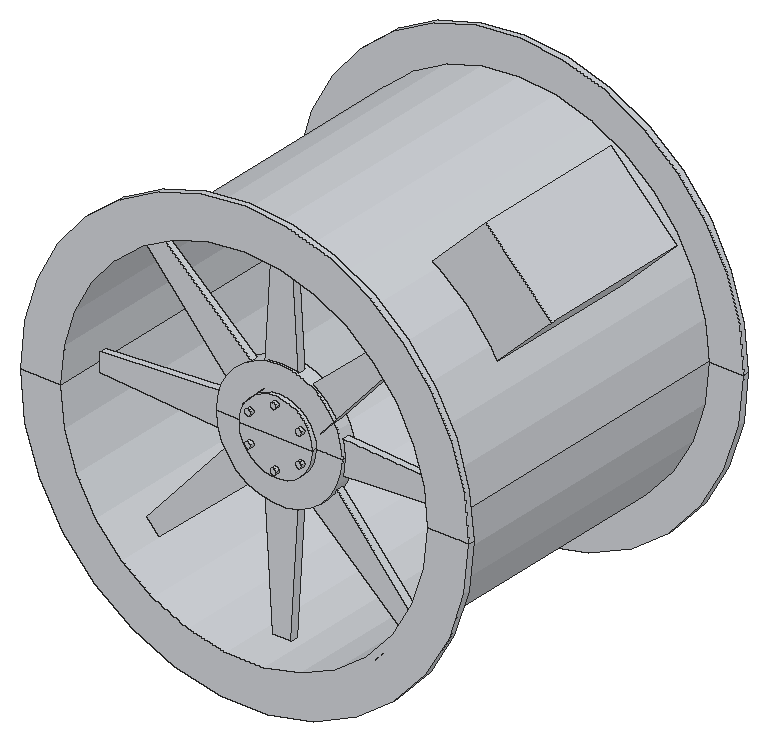
Revit family "CADS_Vent-Axia_MechEquip_Fan_LCA_315_1Ph2P - EXTRACT", category Mechanical Equipment, Revit 2020
Family settings
  Round Connector Dimension = Use Diameter
  Part Type = Normal
  OmniClass Number = 23.75.00.00
  OmniClass Title = Climate Control (HVAC)
  Work Plane-Based = No
  Always vertical = Yes
  Cut with Voids When Loaded = No
  Shared = No
  Room Calculation Point = No
Parameters (values of type "LCA311210")
  nr = NominalDiameter / 2  # 157.5 mm
  WorkingPressure = 0.0 Pa
  WarrantyStartDate [instance] = "1900-12-31T23:59:59"
  WarrantyPeriod = ""
  WarrantyIdentifier = "N/A"
  WarrantyGuarantorParts = "tech@vent-axia.com"
  WarrantyGuarantorLabor = "tech@vent-axia.com"
  WarrantyGuarantor = "Vent-Axia Limited"
  WarrantyEndDate [instance] = "1900-12-31T23:59:59"
  WarrantyContent = ""
  TemperatureRange = ""
  TagNumber [instance] = "N/A"
  SustainabilityPerformance = ""
  Status = "New"
  Size = ""
  Shape = ""
  ServiceLifeType = ""
  ServiceLifeDuration = ""
  SerialNumber [instance] = "N/A"
  ReplacementCost = ""
  RatedVoltage = 0 V
  RatedCurrent = 0 A
  Quantity = 1
  ProductionYear = ""
  PressureCurve = ""
  PowerFactor = ""
  PointOfContact = ""
  NumberOfPoles = 0
  NominalWidth = 315 mm
  NominalLength = 300 mm
  NominalHeight = 315 mm
  NominalFrequencyRange = ""
  NominalDiameter = 315 mm
  ModelReference = "LCAX 315mm 1PH 2P 10DEG"
  ModelNumber = "LCA311210"
  Material = ""
  ManufacturerE-Mail = "tech@vent-axia.com"
  ManufacturerAddress = "Fleming Way\nCrawley \nRH10 9YX"
  IsExtendedWarranty = no
  InsulationStandardClass = ""
  InstallationDate [instance] = "1900-12-31T23:59:59"
  IfcExportType [instance] = ""
  IfcExportAs = "IfcFanType"
  IP_Code = ""
  HasProtectiveEarth = no
  GrossWeight = 0.00 kg
  Grade = ""
  GlobalTradeItemNumber [instance] = "N/A"
  Fitting Type = "Ignore"
  Finish = ""
  Features = ""
  ExteriorInsulation = no
  ExpectedServiceLife = 0
  Exclusions = ""
  DurationUnit = "Year"
  Default Elevation = 0 mm
  Constituents = ""
  ConductorFunction = ""
  Color = ""
  CodePerformance = ""
  Category = ""
  CADS_Usage = 0
  CADS_Index = 0
  AssetType = "FIXED"
  AssetIdentifier [instance] = "N/A"
  AssemblyPlace = "UNKNOWN"
  ArticleNumber [instance] = "N/A"
  AirflowRateRange = 0.0 L/s
  Air Flow [instance] = 0.0 L/s
  AccessibilityPerformance = ""
Types (16, lengths in mm): name | ModelReference | ModelNumber
  LCA311210 | "LCAX 315mm 1PH 2P 10DEG" | "LCA311210"
  LCA311212 | "LCAX 315mm 1PH 2P 12DEG" | "LCA311212"
  LCA311214 | "LCAX 315mm 1PH 2P 14DEG" | "LCA311214"
  LCA311216 | "LCAX 315mm 1PH 2P 16DEG" | "LCA311216"
  LCA311218 | "LCAX 315mm 1PH 2P 18DEG" | "LCA311218"
  LCA311220 | "LCAX 315mm 1PH 2P 20DEG" | "LCA311220"
  LCA311222 | "LCAX 315mm 1PH 2P 22DEG" | "LCA311222"
  LCA311224 | "LCAX 315mm 1PH 2P 24DEG" | "LCA311224"
  LCA311226 | "LCAX 315mm 1PH 2P 26DEG" | "LCA311226"
  LCA311228 | "LCAX 315mm 1PH 2P 28DEG" | "LCA311228"
  LCA311230 | "LCAX 315mm 1PH 2P 30DEG" | "LCA311230"
  LCA311232 | "LCAX 315mm 1PH 2P 32DEG" | "LCA311232"
  LCA311234 | "LCAX 315mm 1PH 2P 34DEG" | "LCA311234"
  LCA311236 | "LCAX 315mm 1PH 2P 36DEG" | "LCA311236"
  LCA311238 | "LCAX 315mm 1PH 2P 38DEG" | "LCA311238"
  LCA311240 | "LCAX 315mm 1PH 2P 40DEG" | "LCA311240"
Reference planes
  plane 1 "Center (Front/Back)": y = 0
  plane 2: z = 0
  plane 3 "Center (Left/Right)": x = 0
  plane 4: x = -157.5
  plane 5: x = 157.5
  plane 6 "F": y = -150
  plane 7 "B": y = 150
  plane 8: x = -192.5
  plane 9: y = 145
  plane 10: y = -145
  plane 11: x = -162.5
  plane 12: y = -110
  plane 13 "top": z = 157.5
  plane 14: z = -157.5
  plane 15 "45deg": through (0, -1524, 0) normal (-0.7071, 0, -0.7071)
  plane 16 "C": through (0, -1524, 0) normal (-0.7071, 0, 0.7071)
Forms (mm)
  Revolve 1, solid
    sketch origin (0, 0, 0) x (1, 0, 0) y (0, 1, 0)
      loop
        line (-192.5, -150) -> (-157.5, -150) -> (-157.5, 150) -> (-192.5, 150) -> (-192.5, 145) -> (-162.5, 145) -> (-162.5, -145) -> (-192.5, -145) -> (-192.5, -150)
      axis (0, 150) -> (0, -150)
    angle from 0 to 360
  Sweep 2, solid
    path origin (0, 0, 0) x (1, 0, 0) y (0, 0, 1)
      loop
        line (111.369, 111.369) -> (157.331, 157.331)
    profile origin (134.35, 0, 134.35) x (-0.707107, 0, 0.707107) y (0, -1, 0)
      loop
        line (37.5, 55) -> (-42.73, 55) -> (-42.73, -79.5) -> (37.5, -79.5) -> (37.5, 55)
Dimensions and locks
  equal spacing: plane 4, plane 3 "Center (Left/Right)", plane 5
  equal spacing: plane 7 "B", plane 1 "Center (Front/Back)", plane 6 "F"
  "NominalLength": plane 7 "B" to plane 6 "F"
  "NominalDiameter": plane 4 to plane 5
  locked: plane 11 to plane 4 at 5
  locked: plane 8 to plane 11 at 30
  locked: plane 6 "F" to plane 10 at 5
  locked: plane 7 "B" to plane 9 at 5
  locked: plane 6 "F" to plane 12 at 40
  equal spacing: plane 13 "top", level, plane 14
  "NominalDiameter": plane 13 "top" to plane 14
  "nr": Sweep 2 sketch curve to nested 13
  Sweep 2 sketch curve to Sweep 2 sketch curve = 65 mm
  aligned and locked: level to plane 2
  aligned and locked: nested 1 to plane 12
Automatic sketch dimensions
  plane 6 "F" to Revolve 1 sketch curve = 0 mm
  Revolve 1 sketch curve to plane 8 = 0 mm  (x2)
  plane 10 to Revolve 1 sketch curve = 0 mm
  Revolve 1 sketch curve to plane 11 = 0 mm
  Revolve 1 sketch curve to plane 4 = 0 mm
  Revolve 1 sketch curve to plane 3 "Center (Left/Right)" = 0 mm
  plane 1 "Center (Front/Back)" to Revolve 1 sketch curve = 0 mm
  Revolve 1 sketch curve to plane 9 = 0 mm
  Revolve 1 sketch curve to plane 7 "B" = 0 mm
  plane 6 "F" to Revolve 1 sketch curve = 115 mm
  plane 1 "Center (Front/Back)" to Sweep 2 sketch curve = 55 mm
  Sweep 2 sketch curve to profile plane = 37.5 mm
  Sweep 2 sketch curve to Sweep 2 sketch curve = 80.23 mm
  Sweep 2 sketch curve to Sweep 2 sketch curve = 134.5 mm
  Sweep 2 sketch curve to plane 16 "C" = 0 mm  (x2)
Nested families
  nested 1: "Fan for ESC" at (0, -110, 0), ND <- "NominalDiameter", type "Fan for ESC"
    with hub 31.5 mm, ND 315 mm, BoltPCD 25.2 mm, Bolt Count 6, B_Diam 5 mm
  nested 2: "Bolts" at (21.824, -119.172, -12.6) x (-0.5, 0, -0.866) z (0, 1, 0), type "Bolts"
    with bd 5 mm
  nested 3: "Bolts" at (0, -119.172, -25.2) x (-1, 0, 0) z (0, 1, 0), type "Bolts"
    with bd 5 mm
  nested 4: "Bolts" at (-21.824, -119.172, -12.6) x (-0.5, 0, 0.866) z (0, 1, 0), type "Bolts"
    with bd 5 mm
  nested 5: "Bolts" at (-21.824, -119.172, 12.6) x (0.5, 0, 0.866) z (0, 1, 0), type "Bolts"
    with bd 5 mm
  nested 6: "Bolts" at (21.824, -119.172, 12.6) x (0.5, 0, -0.866) z (0, 1, 0), type "Bolts"
    with bd 5 mm
  nested 7: "Bolts" at (0, -119.172, 25.2) x (1, 0, 0) z (0, 1, 0), type "Bolts"
    with bd 5 mm
  nested 8: "ESC Blade" at (0, -110, 0), type "ESC Blade"
    with a 20.00°, HR 31.5 mm, HD 63 mm, BT 15.75 mm, BR 126 mm, BH 40 mm, BD 315 mm, BB 31.5 mm
  nested 9: "ESC Blade" at (0, -110, 0) x (0.7071, 0, -0.7071) z (0.7071, 0, 0.7071), type "ESC Blade"
    with a 20.00°, HR 31.5 mm, HD 63 mm, BT 15.75 mm, BR 126 mm, BH 40 mm, BD 315 mm, BB 31.5 mm
  nested 10: "ESC Blade" at (0, -110, 0) x (0, 0, -1) z (1, 0, 0), type "ESC Blade"
    with a 20.00°, HR 31.5 mm, HD 63 mm, BT 15.75 mm, BR 126 mm, BH 40 mm, BD 315 mm, BB 31.5 mm
  nested 11: "ESC Blade" at (0, -110, 0) x (-0.7071, 0, -0.7071) z (0.7071, 0, -0.7071), type "ESC Blade"
    with a 20.00°, HR 31.5 mm, HD 63 mm, BT 15.75 mm, BR 126 mm, BH 40 mm, BD 315 mm, BB 31.5 mm
  nested 12: "ESC Blade" at (0, -110, 0) x (-1, 0, 0) z (0, 0, -1), type "ESC Blade"
    with a 20.00°, HR 31.5 mm, HD 63 mm, BT 15.75 mm, BR 126 mm, BH 40 mm, BD 315 mm, BB 31.5 mm
  nested 13: "ESC Blade" at (0, -110, 0) x (-0.7071, 0, -0.7071) z (-0.7071, 0, 0.7071), type "ESC Blade"
    with a 20.00°, HR 31.5 mm, HD 63 mm, BT 15.75 mm, BR 126 mm, BH 40 mm, BD 315 mm, BB 31.5 mm
  nested 14: "ESC Blade" at (0, -110, 0) x (0, 0, -1) z (-1, 0, 0), type "ESC Blade"
    with a 20.00°, HR 31.5 mm, HD 63 mm, BT 15.75 mm, BR 126 mm, BH 40 mm, BD 315 mm, BB 31.5 mm
  nested 15: "ESC Blade" at (0, -110, 0) x (0.7071, 0, -0.7071) z (-0.7071, 0, -0.7071), type "ESC Blade"
    with a 20.00°, HR 31.5 mm, HD 63 mm, BT 15.75 mm, BR 126 mm, BH 40 mm, BD 315 mm, BB 31.5 mm
Connectors
  hvac at (0, -150, 0), driven by "NominalDiameter", driven by "Air Flow"
    settings: on Revolve 1, index 1, duct flow 0.0 L/s, flow factor 0, pres drop 0.0 Pa, loss coef 0, conn angle 0.00°, conn width 304.8 mm, conn height 304.8 mm, conn diameter 315 mm, duct sys type 2, conn prof type 0, flow config 0, flow direction 1, loss method 0, conn ref index -1, conn util no, is conn primary yes, conn desc ""
  hvac at (0, 150, 0), driven by "NominalDiameter", driven by "Air Flow"
    settings: on Revolve 1, index 2, duct flow 0.0 L/s, flow factor 0, pres drop 0.0 Pa, loss coef 0, conn angle 0.00°, conn width 304.8 mm, conn height 304.8 mm, conn diameter 315 mm, duct sys type 3, conn prof type 0, flow config 1, flow direction 2, loss method 0, conn ref index -1, conn util no, is conn primary no, conn desc ""
Definition of nested family "Fan for ESC"
  Parameters (values of type "Fan for ESC")
    hub [instance] = ND / 10  # 56.7 mm
    ND [instance] = 567 mm
    Model = "."
    Default Elevation = 0 mm
    BoltPCD [instance] = hub - (hub * 0.2)  # 45.36 mm
    Bolt Count [instance] = if(hub < 50 mm, 6, 8)  # 8
    B_Diam [instance] = if(hub < 50 mm, 5 mm, 10 mm)  # 10 mm
  Reference planes
    plane 1 "Center (Front/Back)": y = 0
    plane 2: z = 0
    plane 3 "Center (Left/Right)": x = 0
    plane 4 "back": y = 20
    plane 5 "bolts": y = -9.172
    plane 6 "B": z = 56.7
    plane 7: x = -79.287
    plane 8: x = -56.7
    plane 9 "hubface": y = -6.172
  Forms (mm)
    Revolve 1, solid
      sketch origin (0, 0, 0) x (1, 0, 0) y (0, 1, 0)
        loop
          line (0, 20) -> (-56.7, 20) -> (-56.7, 10.504) -> (-79.287, 10.504) -> (-79.287, -2.597) -> (-56.7, -2.597) -> (-56.7, -6.172) -> (0, -6.172) -> (0, 20)
        axis (0, 20) -> (0, -6.172)
      angle from 0 to 360
    Extrusion 2, solid, not visible
      sketch origin (0, -6.347, -4) x (-1, 0, 0) y (0, 0, 1)
        loop
          circle (0, 84) r 5
      from 0 to 3
  Lines and regions (mm)
    symbolic lines
      curve 1: circle (0, -9.172, 0) r 45.36 normal (0, 1, 0)
    model lines, not visible
      curve 2: line (0, -6.347, 85) -> (0, -6.347, 75)
  Dimensions and locks
    "hub": plane 6 "B" to plane 2
    "hub": nested 3 to plane 3 "Center (Left/Right)"
    "hub": nested 4 to plane 3 "Center (Left/Right)"
    "hub": nested 5 to plane 3 "Center (Left/Right)"
    "hub": plane 3 "Center (Left/Right)" to nested 6
    "hub": Revolve 1 sketch curve to Revolve 1 sketch curve
    "hub": plane 3 "Center (Left/Right)" to nested 7
    "hub": plane 3 "Center (Left/Right)" to nested 8
    "hub": plane 3 "Center (Left/Right)" to nested 9
    "hub": plane 8 to plane 3 "Center (Left/Right)"
    plane 7 to plane 8 = 22.587 mm
    diameter of Extrusion 2 sketch curve = 10 mm
    "BoltPCD": radius of curve 1
    "BoltPCD": radius of radial array
    aligned and locked: level to plane 2
    aligned and locked: plane 6 "B" to nested 1
  Automatic sketch dimensions
    Revolve 1 sketch curve to plane 7 = 0 mm
    Revolve 1 sketch curve to plane 8 = 0 mm  (x2)
    Revolve 1 sketch curve to plane 3 "Center (Left/Right)" = 0 mm
    Revolve 1 sketch curve to plane 9 "hubface" = 0 mm
    plane 4 "back" to Revolve 1 sketch curve = 0 mm
    plane 1 "Center (Front/Back)" to Revolve 1 sketch curve = 2.597 mm
    plane 4 "back" to Revolve 1 sketch curve = 9.496 mm
    Revolve 1 sketch curve to Revolve 1 sketch curve = 5 mm
    Revolve 1 sketch curve to plane 4 "back" = 45 mm
    curve 1 to level = 0 mm
    curve 1 to plane 3 "Center (Left/Right)" = 0 mm
  Nested families
    nested 1: "ESC Blade" at (0, 0, 0), BD <- "ND", HD <- "hub", type "ESC Blade"
      with a 20.00°, HR 56.7 mm, HD 113.4 mm, BT 28.35 mm, BR 226.8 mm, BH 40 mm, BD 567 mm, BB 56.7 mm
    nested 2: "ESC Blade" at (0, 0, 755), BD <- "ND", HD <- "hub", type "ESC Blade", not visible
      with a 20.00°, HR 56.7 mm, HD 113.4 mm, BT 28.35 mm, BR 226.8 mm, BH 40 mm, BD 567 mm, BB 56.7 mm
    nested 3: "ESC Blade" at (0, 0, 0) x (0.7071, 0, -0.7071) z (0.7071, 0, 0.7071), BD <- "ND", HD <- "hub", type "ESC Blade"
      with a 20.00°, HR 56.7 mm, HD 113.4 mm, BT 28.35 mm, BR 226.8 mm, BH 40 mm, BD 567 mm, BB 56.7 mm
    nested 4: "ESC Blade" at (0, 0, 0) x (0, 0, -1) z (1, 0, 0), BD <- "ND", HD <- "hub", type "ESC Blade"
      with a 20.00°, HR 56.7 mm, HD 113.4 mm, BT 28.35 mm, BR 226.8 mm, BH 40 mm, BD 567 mm, BB 56.7 mm
    nested 5: "ESC Blade" at (0, 0, 0) x (-0.7071, 0, -0.7071) z (0.7071, 0, -0.7071), BD <- "ND", HD <- "hub", type "ESC Blade"
      with a 20.00°, HR 56.7 mm, HD 113.4 mm, BT 28.35 mm, BR 226.8 mm, BH 40 mm, BD 567 mm, BB 56.7 mm
    nested 6: "ESC Blade" at (0, 0, 0) x (-1, 0, 0) z (0, 0, -1), BD <- "ND", HD <- "hub", type "ESC Blade"
      with a 20.00°, HR 56.7 mm, HD 113.4 mm, BT 28.35 mm, BR 226.8 mm, BH 40 mm, BD 567 mm, BB 56.7 mm
    nested 7: "ESC Blade" at (0, 0, 0) x (-0.7071, 0, -0.7071) z (-0.7071, 0, 0.7071), BD <- "ND", HD <- "hub", type "ESC Blade"
      with a 20.00°, HR 56.7 mm, HD 113.4 mm, BT 28.35 mm, BR 226.8 mm, BH 40 mm, BD 567 mm, BB 56.7 mm
    nested 8: "ESC Blade" at (0, 0, 0) x (0, 0, -1) z (-1, 0, 0), BD <- "ND", HD <- "hub", type "ESC Blade"
      with a 20.00°, HR 56.7 mm, HD 113.4 mm, BT 28.35 mm, BR 226.8 mm, BH 40 mm, BD 567 mm, BB 56.7 mm
    nested 9: "ESC Blade" at (0, 0, 0) x (0.7071, 0, -0.7071) z (-0.7071, 0, -0.7071), BD <- "ND", HD <- "hub", type "ESC Blade"
      with a 20.00°, HR 56.7 mm, HD 113.4 mm, BT 28.35 mm, BR 226.8 mm, BH 40 mm, BD 567 mm, BB 56.7 mm
    nested 10: "Bolts" at (0, -9.172, 45.36) x (1, 0, 0) z (0, 1, 0), bd <- "B_Diam", type "Bolts"
      with bd 10 mm
    nested 11: "Bolts" at (32.074, -9.172, 32.074) x (0.7071, 0, -0.7071) z (0, 1, 0), bd <- "B_Diam", type "Bolts"
      with bd 10 mm
    nested 12: "Bolts" at (-32.074, -9.172, 32.074) x (0.7071, 0, 0.7071) z (0, 1, 0), bd <- "B_Diam", type "Bolts"
      with bd 10 mm
    nested 13: "Bolts" at (-45.36, -9.172, 0) x (0, 0, 1) z (0, 1, 0), bd <- "B_Diam", type "Bolts"
      with bd 10 mm
    nested 14: "Bolts" at (-32.074, -9.172, -32.074) x (-0.7071, 0, 0.7071) z (0, 1, 0), bd <- "B_Diam", type "Bolts"
      with bd 10 mm
    nested 15: "Bolts" at (0, -9.172, -45.36) x (-1, 0, 0) z (0, 1, 0), bd <- "B_Diam", type "Bolts"
      with bd 10 mm
    nested 16: "Bolts" at (32.074, -9.172, -32.074) x (-0.7071, 0, -0.7071) z (0, 1, 0), bd <- "B_Diam", type "Bolts"
      with bd 10 mm
    nested 17: "Bolts" at (45.36, -9.172, 0) x (0, 0, -1) z (0, 1, 0), bd <- "B_Diam", type "Bolts"
      with bd 10 mm
  Definition of nested family "ESC Blade"
    Parameters (values of type "ESC Blade")
      a [instance] = 20.00°
      HR [instance] = HD / 2  # 30 mm
      HD [instance] = BD / 5  # 60 mm
      Default Elevation = 1219.2 mm
      BT [instance] = BD / 20  # 15 mm
      BR [instance] = (BD / 2) - HR  # 120 mm
      BH [instance] = 40 mm
      BD [instance] = 300 mm
      BB [instance] = BD / 10  # 30 mm
    Reference planes
      plane 1 "Center (Front/Back)": y = 0
      plane 2: z = 0
      plane 3 "Center (Left/Right)": x = 0
      plane 4 "Blade Bot": z = 30
      plane 5: x = -15
      plane 6: x = 15
      plane 7: x = -7.5
      plane 8: x = 7.5
    Forms (mm)
      Blend 1, solid
        base sketch origin (0, 0, 30) x (-1, 0, 0) y (0, -1, 0)
          loop
            line (15, 0) -> (-15, 0) -> (-15, -6) -> (15, -6) -> (15, 0)
        top sketch origin (0, 0, 30) x (-1, 0, 0) y (0, -1, 0)
          loop
            line (7.5, -6) -> (7.5, 0) -> (-7.5, 0) -> (-7.5, -6) -> (7.5, -6)
        from 0 to 120 <- "BR"
    Dimensions and locks
      "HR": plane 4 "Blade Bot" to level
      equal spacing: plane 8, plane 3 "Center (Left/Right)", plane 7
      "BT": plane 8 to plane 7
      equal spacing: plane 6, plane 3 "Center (Left/Right)", plane 5
      "BB": plane 6 to plane 5
      aligned and locked: level to plane 2
    Automatic sketch dimensions
      plane 1 "Center (Front/Back)" to Blend 1 sketch curve = 0 mm  (x2)
      Blend 1 sketch curve to plane 6 = 0 mm
      Blend 1 sketch curve to plane 5 = 0 mm
      Blend 1 sketch curve to plane 1 "Center (Front/Back)" = 6 mm  (x2)
      Blend 1 sketch curve to plane 8 = 0 mm
      Blend 1 sketch curve to plane 7 = 0 mm
  Definition of nested family "Bolts"
    Parameters
      bd [instance] = 10 mm
      Default Elevation = 1219.2 mm
    Reference planes
      plane 1 "Center (Front/Back)": y = 0
      plane 2: z = 0
      plane 3 "Center (Left/Right)": x = 0
    Forms (mm)
      Extrusion 1, solid
        sketch origin (0, 0, 0) x (1, 0, 0) y (0, 1, 0)
          loop
            line (-1219.2, 1219.2) -> (-1219.2, -1219.2) -> (1219.2, -1219.2) -> (1219.2, 1219.2) -> (-1219.2, 1219.2)
        from 0 to -304.8
      Extrusion 2, solid
        sketch origin (0, 0, 0) x (1, 0, 0) y (0, 1, 0)
          loop
            circle (0, 0) r 5
        from 0 to 3
    Dimensions and locks
      "bd": diameter of Extrusion 2 sketch curve
      aligned and locked: plane 2 to Extrusion 1
      aligned and locked: level to Extrusion 1
    Automatic sketch dimensions
      Extrusion 1 sketch curve to Extrusion 1 sketch curve = 2438.4 mm  (x2)
      plane 1 "Center (Front/Back)" to Extrusion 2 sketch curve = 0 mm
      Extrusion 2 sketch curve to plane 3 "Center (Left/Right)" = 0 mm
Definition of nested family "Bolts"
  Parameters
    bd [instance] = 10 mm
    Default Elevation = 1219.2 mm
  Reference planes
    plane 1 "Center (Front/Back)": y = 0
    plane 2: z = 0
    plane 3 "Center (Left/Right)": x = 0
  Forms (mm)
    Extrusion 1, solid
      sketch origin (0, 0, 0) x (1, 0, 0) y (0, 1, 0)
        loop
          line (-1219.2, 1219.2) -> (-1219.2, -1219.2) -> (1219.2, -1219.2) -> (1219.2, 1219.2) -> (-1219.2, 1219.2)
      from 0 to -304.8
    Extrusion 2, solid
      sketch origin (0, 0, 0) x (1, 0, 0) y (0, 1, 0)
        loop
          circle (0, 0) r 5
      from 0 to 3
  Dimensions and locks
    "bd": diameter of Extrusion 2 sketch curve
    aligned and locked: plane 2 to Extrusion 1
    aligned and locked: level to Extrusion 1
  Automatic sketch dimensions
    Extrusion 1 sketch curve to Extrusion 1 sketch curve = 2438.4 mm  (x2)
    plane 1 "Center (Front/Back)" to Extrusion 2 sketch curve = 0 mm
    Extrusion 2 sketch curve to plane 3 "Center (Left/Right)" = 0 mm
Definition of nested family "ESC Blade"
  Parameters (values of type "ESC Blade")
    a [instance] = 20.00°
    HR [instance] = HD / 2  # 30 mm
    HD [instance] = BD / 5  # 60 mm
    Default Elevation = 1219.2 mm
    BT [instance] = BD / 20  # 15 mm
    BR [instance] = (BD / 2) - HR  # 120 mm
    BH [instance] = 40 mm
    BD [instance] = 300 mm
    BB [instance] = BD / 10  # 30 mm
  Reference planes
    plane 1 "Center (Front/Back)": y = 0
    plane 2: z = 0
    plane 3 "Center (Left/Right)": x = 0
    plane 4 "Blade Bot": z = 30
    plane 5: x = -15
    plane 6: x = 15
    plane 7: x = -7.5
    plane 8: x = 7.5
  Forms (mm)
    Blend 1, solid
      base sketch origin (0, 0, 30) x (-1, 0, 0) y (0, -1, 0)
        loop
          line (15, 0) -> (-15, 0) -> (-15, -6) -> (15, -6) -> (15, 0)
      top sketch origin (0, 0, 30) x (-1, 0, 0) y (0, -1, 0)
        loop
          line (7.5, -6) -> (7.5, 0) -> (-7.5, 0) -> (-7.5, -6) -> (7.5, -6)
      from 0 to 120 <- "BR"
  Dimensions and locks
    "HR": plane 4 "Blade Bot" to level
    equal spacing: plane 8, plane 3 "Center (Left/Right)", plane 7
    "BT": plane 8 to plane 7
    equal spacing: plane 6, plane 3 "Center (Left/Right)", plane 5
    "BB": plane 6 to plane 5
    aligned and locked: level to plane 2
  Automatic sketch dimensions
    plane 1 "Center (Front/Back)" to Blend 1 sketch curve = 0 mm  (x2)
    Blend 1 sketch curve to plane 6 = 0 mm
    Blend 1 sketch curve to plane 5 = 0 mm
    Blend 1 sketch curve to plane 1 "Center (Front/Back)" = 6 mm  (x2)
    Blend 1 sketch curve to plane 8 = 0 mm
    Blend 1 sketch curve to plane 7 = 0 mm
